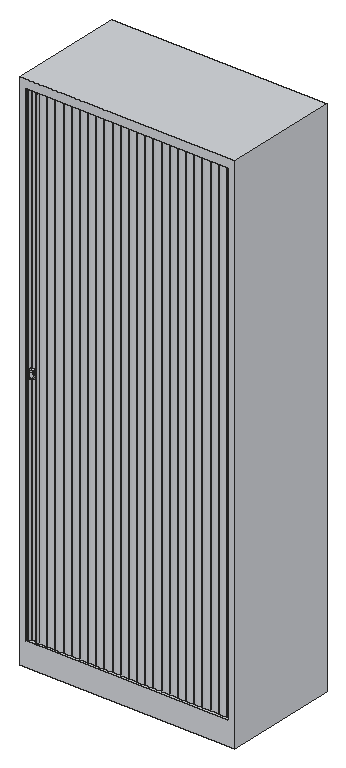
Revit family "EuroTambours_Single", category Furniture, Revit 2016
Family settings
  OmniClass Number = 23.40.20.00
  OmniClass Title = General Furniture and Specialties
  Work Plane-Based = No
  Always vertical = Yes
  Cut with Voids When Loaded = No
  Shared = No
  Room Calculation Point = No
Parameters (values of type "ET408/19")
  plinth start height = -5 mm
  Width = 800 mm
  Tambour array = 24
  Plinth height = 85 mm
  Lock bar height = Doors height - 5 mm  # 1841 mm
  Height = 1980 mm
  Doors height = Height - Plinth height - 13 mm - 30 mm - 3 mm - 3 mm  # 1846 mm
  Depth = 430 mm
Types (8, lengths in mm): name | plinth start height | Plinth height | Lock bar height | Height | Doors height
  (no name) | -5 | 85 | 1841 | 1980 | 1846
  ET408/TB | 386 | 55 | 386 | 495 | 391
  ET408/06 | -5 | 85 | 556 | 695 | 561
  ET408/10 | -5 | 85 | 891 | 1030 | 896
  ET408/11 | -5 | 85 | 1042 | 1181 | 1047
  ET408/13 | -5 | 85 | 1191 | 1330 | 1196
  ET408/17 | -5 | 85 | 1498 | 1637 | 1503
  ET408/19 | -5 | 85 | 1841 | 1980 | 1846
Reference planes
  plane 1 "Center (Front/Back)": y = 0
  plane 2: z = 7
  plane 3 "Center (Left/Right)": x = 0
  plane 4: x = -400
  plane 5: x = 400
  plane 6: y = 195
  plane 7: y = -235
  plane 8: z = 1987
  plane 9: z = 20
  plane 10: z = 105
  plane 11: x = -380
  plane 12: x = 380
  plane 13: y = 190
  plane 14: x = 477
  plane 15: y = -215
  plane 16: z = 53
  plane 17: x = -477
  plane 18: x = 315
  plane 19: x = -315
  plane 20: y = -190
  plane 21: y = 150
  plane 22: z = 974
  plane 23: z = 1003.5
  plane 24: z = 1003.5
Forms (mm)
  Extrusion 1, solid
    sketch origin (0, 0, 7) x (1, 0, 0) y (0, 1, 0)
      loop
        line (-400, 195) -> (-400, -235) -> (400, -235) -> (400, 195) -> (-400, 195)
    from 13 to 1980
  Extrusion 2, void
    sketch origin (0, 0, 0) x (1, 0, 0) y (0, 0, 1)
      loop
        line (-380, 1957) -> (-380, 105) -> (380, 105) -> (380, 1957) -> (-380, 1957)
    from -190 to 235
  Extrusion 3, solid, not visible
    sketch origin (-14, 0, -11.486) x (0, 0, -1) y (0, -1, 0)
      loop
        line (-375, 215) -> (-73.486, 215) -> (-73.486, 235) -> (-323.022, 235) -> (-358, 216.402) -> (-373.358, 216.402) -> (-373.358, 233.251) -> (-358, 233.251) -> (-358, 235) -> (-375, 235) -> (-375, 215)
    from -391 to 363
  Extrusion 4, solid
    sketch origin (0, 0, 7) x (1, 0, 0) y (0, 1, 0)
      loop
        circle (315, 150) r 25
      loop
        circle (315, -190) r 25
      loop
        circle (-315, -190) r 25
      loop
        circle (-315, 150) r 25
    from 0 to 9
  Extrusion 5, solid
    sketch origin (0, 0, 7) x (1, 0, 0) y (0, 1, 0)
      loop
        circle (-315, 150) r 10
      loop
        circle (315, 150) r 10
      loop
        circle (315, -190) r 10
      loop
        circle (-315, -190) r 10
    from 9 to 13
  Extrusion 6, solid
    sketch origin (-112.678, -136.508, 113) x (1, 0, 0) y (0, 1, 0)
      loop
        line (-264.322, -77.42) -> (-264.322, -96.46)
        arc (-264.322, -96.46) -> (-264.041, -97.139) -> (-263.362, -97.42) r 0.96
        line (-263.362, -97.42) -> (-258.275, -97.42)
        arc (-258.275, -97.42) -> (-257.601, -97.141) -> (-257.322, -96.468) r 0.953
        line (-257.322, -96.468) -> (-257.322, -88.389)
        arc (-257.322, -88.389) -> (-256.452, -86.29) -> (-254.353, -85.42) r 2.969
        line (-254.353, -85.42) -> (-235.314, -85.42)
        arc (-235.314, -85.42) -> (-233.199, -86.297) -> (-232.322, -88.413) r 2.992
        line (-232.322, -88.413) -> (-232.322, -96.414)
        arc (-232.322, -96.414) -> (-232.027, -97.126) -> (-231.315, -97.42) r 1.007
        line (-231.315, -97.42) -> (-226.368, -97.42)
        arc (-226.368, -97.42) -> (-225.628, -97.114) -> (-225.322, -96.374) r 1.046
        line (-225.322, -96.374) -> (-225.322, -77.42) -> (-264.322, -77.42)
    from -5 <- "plinth start height" to 1841 <- "Lock bar height"
  Extrusion 7, solid
    sketch origin (-0.17, -4.837, 108) x (1, 0, 0) y (0, 1, 0)
      loop
        line (-307.442, -220.343) -> (-306.502, -218.714) -> (-313.555, -214.133) -> (-334.916, -214.133) -> (-335.853, -217.63) -> (-337.087, -219.737)
        arc (-337.087, -219.737) -> (-337.103, -220.129) -> (-336.786, -220.36) r 0.417
        arc (-336.786, -220.36) -> (-322.113, -221.403) -> (-307.442, -220.343) r 102.932
    from 0 to 1846 <- "Doors height"
  Extrusion 8, solid
    sketch origin (30.331, -4.837, 108) x (1, 0, 0) y (0, 1, 0)
      loop
        line (-307.442, -220.343) -> (-306.502, -218.714) -> (-313.555, -214.133) -> (-334.916, -214.133) -> (-335.853, -217.63) -> (-337.087, -219.737)
        arc (-337.087, -219.737) -> (-337.103, -220.129) -> (-336.786, -220.36) r 0.417
        arc (-336.786, -220.36) -> (-322.113, -221.403) -> (-307.442, -220.343) r 102.932
    from 0 to 1846 <- "Doors height"
  Extrusion 9, solid
    sketch origin (60.833, -4.837, 108) x (1, 0, 0) y (0, 1, 0)
      loop
        line (-307.442, -220.343) -> (-306.502, -218.714) -> (-313.555, -214.133) -> (-334.916, -214.133) -> (-335.853, -217.63) -> (-337.087, -219.737)
        arc (-337.087, -219.737) -> (-337.103, -220.129) -> (-336.786, -220.36) r 0.417
        arc (-336.786, -220.36) -> (-322.113, -221.403) -> (-307.442, -220.343) r 102.932
    from 0 to 1846 <- "Doors height"
  Extrusion 10, solid
    sketch origin (91.335, -4.837, 108) x (1, 0, 0) y (0, 1, 0)
      loop
        line (-307.442, -220.343) -> (-306.502, -218.714) -> (-313.555, -214.133) -> (-334.916, -214.133) -> (-335.853, -217.63) -> (-337.087, -219.737)
        arc (-337.087, -219.737) -> (-337.103, -220.129) -> (-336.786, -220.36) r 0.417
        arc (-336.786, -220.36) -> (-322.113, -221.403) -> (-307.442, -220.343) r 102.932
    from 0 to 1846 <- "Doors height"
  Extrusion 11, solid
    sketch origin (121.836, -4.837, 108) x (1, 0, 0) y (0, 1, 0)
      loop
        line (-307.442, -220.343) -> (-306.502, -218.714) -> (-313.555, -214.133) -> (-334.916, -214.133) -> (-335.853, -217.63) -> (-337.087, -219.737)
        arc (-337.087, -219.737) -> (-337.103, -220.129) -> (-336.786, -220.36) r 0.417
        arc (-336.786, -220.36) -> (-322.113, -221.403) -> (-307.442, -220.343) r 102.932
    from 0 to 1846 <- "Doors height"
  Extrusion 12, solid
    sketch origin (152.338, -4.837, 108) x (1, 0, 0) y (0, 1, 0)
      loop
        line (-307.442, -220.343) -> (-306.502, -218.714) -> (-313.555, -214.133) -> (-334.916, -214.133) -> (-335.853, -217.63) -> (-337.087, -219.737)
        arc (-337.087, -219.737) -> (-337.103, -220.129) -> (-336.786, -220.36) r 0.417
        arc (-336.786, -220.36) -> (-322.113, -221.403) -> (-307.442, -220.343) r 102.932
    from 0 to 1846 <- "Doors height"
  Extrusion 13, solid
    sketch origin (182.84, -4.837, 108) x (1, 0, 0) y (0, 1, 0)
      loop
        line (-307.442, -220.343) -> (-306.502, -218.714) -> (-313.555, -214.133) -> (-334.916, -214.133) -> (-335.853, -217.63) -> (-337.087, -219.737)
        arc (-337.087, -219.737) -> (-337.103, -220.129) -> (-336.786, -220.36) r 0.417
        arc (-336.786, -220.36) -> (-322.113, -221.403) -> (-307.442, -220.343) r 102.932
    from 0 to 1846 <- "Doors height"
  Extrusion 14, solid
    sketch origin (213.342, -4.837, 108) x (1, 0, 0) y (0, 1, 0)
      loop
        line (-307.442, -220.343) -> (-306.502, -218.714) -> (-313.555, -214.133) -> (-334.916, -214.133) -> (-335.853, -217.63) -> (-337.087, -219.737)
        arc (-337.087, -219.737) -> (-337.103, -220.129) -> (-336.786, -220.36) r 0.417
        arc (-336.786, -220.36) -> (-322.113, -221.403) -> (-307.442, -220.343) r 102.932
    from 0 to 1846 <- "Doors height"
  Extrusion 15, solid
    sketch origin (243.843, -4.837, 108) x (1, 0, 0) y (0, 1, 0)
      loop
        line (-307.442, -220.343) -> (-306.502, -218.714) -> (-313.555, -214.133) -> (-334.916, -214.133) -> (-335.853, -217.63) -> (-337.087, -219.737)
        arc (-337.087, -219.737) -> (-337.103, -220.129) -> (-336.786, -220.36) r 0.417
        arc (-336.786, -220.36) -> (-322.113, -221.403) -> (-307.442, -220.343) r 102.932
    from 0 to 1846 <- "Doors height"
  Extrusion 16, solid
    sketch origin (274.345, -4.837, 108) x (1, 0, 0) y (0, 1, 0)
      loop
        line (-307.442, -220.343) -> (-306.502, -218.714) -> (-313.555, -214.133) -> (-334.916, -214.133) -> (-335.853, -217.63) -> (-337.087, -219.737)
        arc (-337.087, -219.737) -> (-337.103, -220.129) -> (-336.786, -220.36) r 0.417
        arc (-336.786, -220.36) -> (-322.113, -221.403) -> (-307.442, -220.343) r 102.932
    from 0 to 1846 <- "Doors height"
  Extrusion 17, solid
    sketch origin (304.847, -4.837, 108) x (1, 0, 0) y (0, 1, 0)
      loop
        line (-307.442, -220.343) -> (-306.502, -218.714) -> (-313.555, -214.133) -> (-334.916, -214.133) -> (-335.853, -217.63) -> (-337.087, -219.737)
        arc (-337.087, -219.737) -> (-337.103, -220.129) -> (-336.786, -220.36) r 0.417
        arc (-336.786, -220.36) -> (-322.113, -221.403) -> (-307.442, -220.343) r 102.932
    from 0 to 1846 <- "Doors height"
  Extrusion 18, solid
    sketch origin (335.348, -4.837, 108) x (1, 0, 0) y (0, 1, 0)
      loop
        line (-307.442, -220.343) -> (-306.502, -218.714) -> (-313.555, -214.133) -> (-334.916, -214.133) -> (-335.853, -217.63) -> (-337.087, -219.737)
        arc (-337.087, -219.737) -> (-337.103, -220.129) -> (-336.786, -220.36) r 0.417
        arc (-336.786, -220.36) -> (-322.113, -221.403) -> (-307.442, -220.343) r 102.932
    from 0 to 1846 <- "Doors height"
  Extrusion 19, solid
    sketch origin (365.85, -4.837, 108) x (1, 0, 0) y (0, 1, 0)
      loop
        line (-307.442, -220.343) -> (-306.502, -218.714) -> (-313.555, -214.133) -> (-334.916, -214.133) -> (-335.853, -217.63) -> (-337.087, -219.737)
        arc (-337.087, -219.737) -> (-337.103, -220.129) -> (-336.786, -220.36) r 0.417
        arc (-336.786, -220.36) -> (-322.113, -221.403) -> (-307.442, -220.343) r 102.932
    from 0 to 1846 <- "Doors height"
  Extrusion 20, solid
    sketch origin (396.352, -4.837, 108) x (1, 0, 0) y (0, 1, 0)
      loop
        line (-307.442, -220.343) -> (-306.502, -218.714) -> (-313.555, -214.133) -> (-334.916, -214.133) -> (-335.853, -217.63) -> (-337.087, -219.737)
        arc (-337.087, -219.737) -> (-337.103, -220.129) -> (-336.786, -220.36) r 0.417
        arc (-336.786, -220.36) -> (-322.113, -221.403) -> (-307.442, -220.343) r 102.932
    from 0 to 1846 <- "Doors height"
  Extrusion 21, solid
    sketch origin (426.854, -4.837, 108) x (1, 0, 0) y (0, 1, 0)
      loop
        line (-307.442, -220.343) -> (-306.502, -218.714) -> (-313.555, -214.133) -> (-334.916, -214.133) -> (-335.853, -217.63) -> (-337.087, -219.737)
        arc (-337.087, -219.737) -> (-337.103, -220.129) -> (-336.786, -220.36) r 0.417
        arc (-336.786, -220.36) -> (-322.113, -221.403) -> (-307.442, -220.343) r 102.932
    from 0 to 1846 <- "Doors height"
  Extrusion 22, solid
    sketch origin (457.355, -4.837, 108) x (1, 0, 0) y (0, 1, 0)
      loop
        line (-307.442, -220.343) -> (-306.502, -218.714) -> (-313.555, -214.133) -> (-334.916, -214.133) -> (-335.853, -217.63) -> (-337.087, -219.737)
        arc (-337.087, -219.737) -> (-337.103, -220.129) -> (-336.786, -220.36) r 0.417
        arc (-336.786, -220.36) -> (-322.113, -221.403) -> (-307.442, -220.343) r 102.932
    from 0 to 1846 <- "Doors height"
  Extrusion 23, solid
    sketch origin (487.857, -4.837, 108) x (1, 0, 0) y (0, 1, 0)
      loop
        line (-307.442, -220.343) -> (-306.502, -218.714) -> (-313.555, -214.133) -> (-334.916, -214.133) -> (-335.853, -217.63) -> (-337.087, -219.737)
        arc (-337.087, -219.737) -> (-337.103, -220.129) -> (-336.786, -220.36) r 0.417
        arc (-336.786, -220.36) -> (-322.113, -221.403) -> (-307.442, -220.343) r 102.932
    from 0 to 1846 <- "Doors height"
  Extrusion 24, solid
    sketch origin (518.359, -4.837, 108) x (1, 0, 0) y (0, 1, 0)
      loop
        line (-307.442, -220.343) -> (-306.502, -218.714) -> (-313.555, -214.133) -> (-334.916, -214.133) -> (-335.853, -217.63) -> (-337.087, -219.737)
        arc (-337.087, -219.737) -> (-337.103, -220.129) -> (-336.786, -220.36) r 0.417
        arc (-336.786, -220.36) -> (-322.113, -221.403) -> (-307.442, -220.343) r 102.932
    from 0 to 1846 <- "Doors height"
  Extrusion 25, solid
    sketch origin (548.86, -4.837, 108) x (1, 0, 0) y (0, 1, 0)
      loop
        line (-307.442, -220.343) -> (-306.502, -218.714) -> (-313.555, -214.133) -> (-334.916, -214.133) -> (-335.853, -217.63) -> (-337.087, -219.737)
        arc (-337.087, -219.737) -> (-337.103, -220.129) -> (-336.786, -220.36) r 0.417
        arc (-336.786, -220.36) -> (-322.113, -221.403) -> (-307.442, -220.343) r 102.932
    from 0 to 1846 <- "Doors height"
  Extrusion 26, solid
    sketch origin (579.362, -4.837, 108) x (1, 0, 0) y (0, 1, 0)
      loop
        line (-307.442, -220.343) -> (-306.502, -218.714) -> (-313.555, -214.133) -> (-334.916, -214.133) -> (-335.853, -217.63) -> (-337.087, -219.737)
        arc (-337.087, -219.737) -> (-337.103, -220.129) -> (-336.786, -220.36) r 0.417
        arc (-336.786, -220.36) -> (-322.113, -221.403) -> (-307.442, -220.343) r 102.932
    from 0 to 1846 <- "Doors height"
  Extrusion 27, solid
    sketch origin (609.864, -4.837, 108) x (1, 0, 0) y (0, 1, 0)
      loop
        line (-307.442, -220.343) -> (-306.502, -218.714) -> (-313.555, -214.133) -> (-334.916, -214.133) -> (-335.853, -217.63) -> (-337.087, -219.737)
        arc (-337.087, -219.737) -> (-337.103, -220.129) -> (-336.786, -220.36) r 0.417
        arc (-336.786, -220.36) -> (-322.113, -221.403) -> (-307.442, -220.343) r 102.932
    from 0 to 1846 <- "Doors height"
  Extrusion 28, solid
    sketch origin (640.366, -4.837, 108) x (1, 0, 0) y (0, 1, 0)
      loop
        line (-307.442, -220.343) -> (-306.502, -218.714) -> (-313.555, -214.133) -> (-334.916, -214.133) -> (-335.853, -217.63) -> (-337.087, -219.737)
        arc (-337.087, -219.737) -> (-337.103, -220.129) -> (-336.786, -220.36) r 0.417
        arc (-336.786, -220.36) -> (-322.113, -221.403) -> (-307.442, -220.343) r 102.932
    from 0 to 1846 <- "Doors height"
  Extrusion 29, solid
    sketch origin (670.867, -4.837, 108) x (1, 0, 0) y (0, 1, 0)
      loop
        line (-307.442, -220.343) -> (-306.502, -218.714) -> (-313.555, -214.133) -> (-334.916, -214.133) -> (-335.853, -217.63) -> (-337.087, -219.737)
        arc (-337.087, -219.737) -> (-337.103, -220.129) -> (-336.786, -220.36) r 0.417
        arc (-336.786, -220.36) -> (-322.113, -221.403) -> (-307.442, -220.343) r 102.932
    from 0 to 1846 <- "Doors height"
  Extrusion 30, solid
    sketch origin (701.369, -4.837, 108) x (1, 0, 0) y (0, 1, 0)
      loop
        line (-307.442, -220.343) -> (-306.502, -218.714) -> (-313.555, -214.133) -> (-334.916, -214.133) -> (-335.853, -217.63) -> (-337.087, -219.737)
        arc (-337.087, -219.737) -> (-337.103, -220.129) -> (-336.786, -220.36) r 0.417
        arc (-336.786, -220.36) -> (-322.113, -221.403) -> (-307.442, -220.343) r 102.932
    from 0 to 1846 <- "Doors height"
  Extrusion 31, solid
    sketch origin (1.189, -221.929, 0) x (1, 0, 0) y (0, 0, 1)
      loop
        circle (-357.536, 1003.5) r 12.707
    from 0 to 12.484
  Extrusion 32, solid
    sketch origin (1.713, -221.929, -0.001) x (1, 0, 0) y (0, 0, 1)
      loop
        circle (-357.889, 1003.5) r 8.648
    from 0 to 14.49
  Extrusion 33, solid
    sketch origin (1.189, -221.929, 0) x (1, 0, 0) y (0, 0, 1)
      loop
        line (-372.081, 1021.827) -> (-372.081, 985.173)
        spline (-372.081, 985.173) -> (-366.297, 985.987) -> (-361.407, 987.068) -> (-357.326, 988.355) -> (-353.969, 989.782) -> (-351.252, 991.286) -> (-349.09, 992.802) -> (-347.398, 994.267) -> (-346.099, 995.652) -> (-345.149, 997.09) -> (-344.513, 998.759) -> (-344.156, 1000.837) -> (-344.045, 1003.5)
        spline (-344.045, 1003.5) -> (-344.156, 1006.163) -> (-344.513, 1008.241) -> (-345.149, 1009.91) -> (-346.099, 1011.348) -> (-347.398, 1012.733) -> (-349.09, 1014.198) -> (-351.252, 1015.714) -> (-353.969, 1017.218) -> (-357.326, 1018.645) -> (-361.407, 1019.932) -> (-366.297, 1021.013) -> (-372.081, 1021.827)
    from 0 to 10
Cuts and joins
  Extrusion 2 cuts Extrusion 1
Dimensions and locks
  equal spacing: plane 4, plane 3 "Center (Left/Right)", plane 5
  "Width": plane 4 to plane 5
  "Depth": plane 6 to plane 7
  plane 9 to level = 13 mm
  "Plinth height": plane 10 to plane 9
  locked: plane 11 to plane 4 at 20
  locked: plane 5 to plane 12 at 20
  "Height": plane 8 to level
  locked: plane 13 to plane 6 at 5
  plane 3 "Center (Left/Right)" to plane 14 = 477 mm
  locked: plane 15 to cut or joined group of Extrusion 1, Extrusion 2 at 20
  cut or joined group of Extrusion 1, Extrusion 2 to plane 19 = 85 mm
  plane 18 to cut or joined group of Extrusion 1, Extrusion 2 = 85 mm
  plane 20 to plane 7 = 45 mm
  plane 6 to plane 21 = 45 mm
  equal spacing: plane 14, plane 3 "Center (Left/Right)", plane 17
  plane 17 to cut or joined group of Extrusion 1, Extrusion 2 = 97 mm
  level to cut or joined group of Extrusion 1, Extrusion 2 = 13 mm
  locked: cut or joined group of Extrusion 1, Extrusion 2 to cut or joined group of Extrusion 1, Extrusion 2 at 30
  equal spacing: plane 8, plane 23, plane 9
  equal spacing: group 2, group 3, group 4, group 5, group 6, group 7, group 8, group 9, group 10, group 11, group 12, group 13, group 14, group 15, group 16, group 17, group 18, group 19, group 20, group 21, group 22, group 23, group 24, group 25  (x2)
  equal spacing: group 25, group 24, group 23, group 22, group 21, group 20, group 19, group 18, group 17, group 16, group 15, group 14, group 13, group 12, group 11, group 10, group 9, group 8, group 7, group 6, group 5, group 4, group 3, group 2
  equal spacing: plane 8, plane 24, plane 9
  locked: Extrusion 7 to cut or joined group of Extrusion 1, Extrusion 2 at 3
  locked: Extrusion 9 to cut or joined group of Extrusion 1, Extrusion 2 at 3
  locked: plane 7 to plane 1 "Center (Front/Back)" at 235
  aligned and locked: level to plane 2
  aligned and locked: Extrusion 1 sketch curve to plane 6
  aligned and locked: plane 4 to Extrusion 1 sketch curve
  aligned and locked: plane 7 to Extrusion 1 sketch curve
  aligned and locked: Extrusion 1 sketch curve to plane 5
  aligned and locked: Extrusion 1 to plane 9
  aligned and locked: plane 8 to Extrusion 1
  aligned and locked: plane 11 to Extrusion 2 sketch curve
  aligned and locked: Extrusion 2 sketch curve to plane 10
  aligned and locked: Extrusion 2 sketch curve to plane 12
  aligned and locked: Extrusion 2 to plane 7
  aligned and locked: Extrusion 2 to plane 13
Automatic sketch dimensions
  Extrusion 3 sketch curve to Extrusion 3 sketch curve = 1.642 mm
  Extrusion 3 sketch curve to Extrusion 3 sketch curve = 15.358 mm  (x2)
  Extrusion 3 sketch curve to Extrusion 3 sketch curve = 34.978 mm
  Extrusion 3 sketch curve to Extrusion 3 sketch curve = 249.536 mm
  Extrusion 3 sketch curve to Extrusion 3 sketch curve = 1.402 mm
  Extrusion 3 sketch curve to Extrusion 3 sketch curve = 16.849 mm
  Extrusion 3 sketch curve to Extrusion 3 sketch curve = 1.749 mm
  Extrusion 3 sketch curve to Extrusion 3 sketch curve = 0 mm
  Extrusion 4 sketch curve to plane 19 = 0 mm  (x2)
  Extrusion 4 sketch curve to plane 18 = 0 mm  (x2)
  Extrusion 4 sketch curve to plane 20 = 0 mm  (x2)
  Extrusion 4 sketch curve to plane 21 = 0 mm  (x2)
  Extrusion 5 sketch curve to plane 19 = 0 mm  (x2)
  Extrusion 5 sketch curve to plane 18 = 0 mm  (x2)
  Extrusion 5 sketch curve to plane 20 = 0 mm  (x2)
  Extrusion 5 sketch curve to plane 21 = 0 mm  (x2)
  Extrusion 2 sketch curve to plane 8 = 30 mm
  Extrusion 6 sketch curve to plane 19 = 62 mm
  Extrusion 6 sketch curve to Extrusion 6 sketch curve = 0.96 mm
  Extrusion 6 sketch curve to Extrusion 6 sketch curve = 5.087 mm
  Extrusion 6 sketch curve to Extrusion 6 sketch curve = 0.953 mm  (x2)
  Extrusion 6 sketch curve to Extrusion 6 sketch curve = 2.969 mm
  Extrusion 6 sketch curve to Extrusion 6 sketch curve = 19.039 mm
  Extrusion 6 sketch curve to Extrusion 6 sketch curve = 2.992 mm
  Extrusion 6 sketch curve to Extrusion 6 sketch curve = 1.007 mm
  Extrusion 6 sketch curve to Extrusion 6 sketch curve = 4.947 mm
  Extrusion 6 sketch curve to Extrusion 6 sketch curve = 9.992 mm
  Extrusion 6 sketch curve to plane 20 = 43.929 mm
  Extrusion 6 sketch curve to Extrusion 6 sketch curve = 8.001 mm
  Extrusion 6 sketch curve to Extrusion 6 sketch curve = 8 mm
  Extrusion 7 sketch curve to Extrusion 7 sketch curve = 0.36 mm
  Extrusion 7 sketch curve to Extrusion 7 sketch curve = 1.234 mm
  Extrusion 7 sketch curve to Extrusion 7 sketch curve = 0.937 mm
  Extrusion 7 sketch curve to Extrusion 7 sketch curve = 0.94 mm
  Extrusion 7 sketch curve to Extrusion 7 sketch curve = 0.211 mm
  Extrusion 7 sketch curve to Extrusion 7 sketch curve = 6.209 mm
  Extrusion 7 sketch curve to Extrusion 7 sketch curve = 1.629 mm
  Extrusion 7 sketch curve to Extrusion 7 sketch curve = 12.741 mm
  Extrusion 7 sketch curve to Extrusion 7 sketch curve = 21.361 mm
  Extrusion 7 sketch curve to Extrusion 7 sketch curve = 6.113 mm
  Extrusion 7 sketch curve to Extrusion 7 sketch curve = 5.814 mm
  Extrusion 7 sketch curve to Extrusion 7 sketch curve = 2.107 mm
  Extrusion 7 sketch curve to Extrusion 7 sketch curve = 95.662 mm
  Extrusion 8 sketch curve to Extrusion 8 sketch curve = 0.36 mm
  Extrusion 8 sketch curve to Extrusion 8 sketch curve = 1.234 mm
  Extrusion 8 sketch curve to Extrusion 8 sketch curve = 0.937 mm
  Extrusion 8 sketch curve to Extrusion 8 sketch curve = 0.94 mm
  Extrusion 8 sketch curve to Extrusion 8 sketch curve = 0.211 mm
  Extrusion 8 sketch curve to Extrusion 8 sketch curve = 6.209 mm
  Extrusion 8 sketch curve to Extrusion 8 sketch curve = 1.629 mm
  Extrusion 8 sketch curve to Extrusion 8 sketch curve = 12.741 mm
  Extrusion 8 sketch curve to Extrusion 8 sketch curve = 21.361 mm
  Extrusion 8 sketch curve to Extrusion 8 sketch curve = 6.113 mm
  Extrusion 8 sketch curve to Extrusion 8 sketch curve = 5.814 mm
  Extrusion 8 sketch curve to Extrusion 8 sketch curve = 2.107 mm
  Extrusion 8 sketch curve to Extrusion 8 sketch curve = 95.662 mm
  Extrusion 9 sketch curve to Extrusion 9 sketch curve = 0.36 mm
  Extrusion 9 sketch curve to Extrusion 9 sketch curve = 1.234 mm
  Extrusion 9 sketch curve to Extrusion 9 sketch curve = 0.937 mm
  Extrusion 9 sketch curve to Extrusion 9 sketch curve = 0.94 mm
  Extrusion 9 sketch curve to Extrusion 9 sketch curve = 0.211 mm
  Extrusion 9 sketch curve to Extrusion 9 sketch curve = 6.209 mm
  Extrusion 9 sketch curve to Extrusion 9 sketch curve = 1.629 mm
  Extrusion 9 sketch curve to Extrusion 9 sketch curve = 12.741 mm
  Extrusion 9 sketch curve to Extrusion 9 sketch curve = 21.361 mm
  Extrusion 9 sketch curve to Extrusion 9 sketch curve = 6.113 mm
  Extrusion 9 sketch curve to Extrusion 9 sketch curve = 5.814 mm
  Extrusion 9 sketch curve to Extrusion 9 sketch curve = 2.107 mm
  Extrusion 9 sketch curve to Extrusion 9 sketch curve = 95.662 mm
  Extrusion 10 sketch curve to Extrusion 10 sketch curve = 0.36 mm
  Extrusion 10 sketch curve to Extrusion 10 sketch curve = 1.234 mm
  Extrusion 10 sketch curve to Extrusion 10 sketch curve = 0.937 mm
  Extrusion 10 sketch curve to Extrusion 10 sketch curve = 0.94 mm
  Extrusion 10 sketch curve to Extrusion 10 sketch curve = 0.211 mm
  Extrusion 10 sketch curve to Extrusion 10 sketch curve = 6.209 mm
  Extrusion 10 sketch curve to Extrusion 10 sketch curve = 1.629 mm
  Extrusion 10 sketch curve to Extrusion 10 sketch curve = 12.741 mm
  Extrusion 10 sketch curve to Extrusion 10 sketch curve = 21.361 mm
  Extrusion 10 sketch curve to Extrusion 10 sketch curve = 6.113 mm
  Extrusion 10 sketch curve to Extrusion 10 sketch curve = 5.814 mm
  Extrusion 10 sketch curve to Extrusion 10 sketch curve = 2.107 mm
  Extrusion 10 sketch curve to Extrusion 10 sketch curve = 95.662 mm
  Extrusion 11 sketch curve to Extrusion 11 sketch curve = 0.36 mm
  Extrusion 11 sketch curve to Extrusion 11 sketch curve = 1.234 mm
  Extrusion 11 sketch curve to Extrusion 11 sketch curve = 0.937 mm
  Extrusion 11 sketch curve to Extrusion 11 sketch curve = 0.94 mm
  Extrusion 11 sketch curve to Extrusion 11 sketch curve = 0.211 mm
  Extrusion 11 sketch curve to Extrusion 11 sketch curve = 6.209 mm
  Extrusion 11 sketch curve to Extrusion 11 sketch curve = 1.629 mm
  Extrusion 11 sketch curve to Extrusion 11 sketch curve = 12.741 mm
  Extrusion 11 sketch curve to Extrusion 11 sketch curve = 21.361 mm
  Extrusion 11 sketch curve to Extrusion 11 sketch curve = 6.113 mm
  Extrusion 11 sketch curve to Extrusion 11 sketch curve = 5.814 mm
  Extrusion 11 sketch curve to Extrusion 11 sketch curve = 2.107 mm
  Extrusion 11 sketch curve to Extrusion 11 sketch curve = 95.662 mm
  Extrusion 12 sketch curve to Extrusion 12 sketch curve = 0.36 mm
  Extrusion 12 sketch curve to Extrusion 12 sketch curve = 1.234 mm
  Extrusion 12 sketch curve to Extrusion 12 sketch curve = 0.937 mm
  Extrusion 12 sketch curve to Extrusion 12 sketch curve = 0.94 mm
  Extrusion 12 sketch curve to Extrusion 12 sketch curve = 0.211 mm
  Extrusion 12 sketch curve to Extrusion 12 sketch curve = 6.209 mm
  Extrusion 12 sketch curve to Extrusion 12 sketch curve = 1.629 mm
  Extrusion 12 sketch curve to Extrusion 12 sketch curve = 12.741 mm
  Extrusion 12 sketch curve to Extrusion 12 sketch curve = 21.361 mm
  Extrusion 12 sketch curve to Extrusion 12 sketch curve = 6.113 mm
  Extrusion 12 sketch curve to Extrusion 12 sketch curve = 5.814 mm
  Extrusion 12 sketch curve to Extrusion 12 sketch curve = 2.107 mm
  Extrusion 12 sketch curve to Extrusion 12 sketch curve = 95.662 mm
  Extrusion 13 sketch curve to Extrusion 13 sketch curve = 0.36 mm
  Extrusion 13 sketch curve to Extrusion 13 sketch curve = 1.234 mm
  Extrusion 13 sketch curve to Extrusion 13 sketch curve = 0.937 mm
  Extrusion 13 sketch curve to Extrusion 13 sketch curve = 0.94 mm
  Extrusion 13 sketch curve to Extrusion 13 sketch curve = 0.211 mm
  Extrusion 13 sketch curve to Extrusion 13 sketch curve = 6.209 mm
  Extrusion 13 sketch curve to Extrusion 13 sketch curve = 1.629 mm
  Extrusion 13 sketch curve to Extrusion 13 sketch curve = 12.741 mm
  Extrusion 13 sketch curve to Extrusion 13 sketch curve = 21.361 mm
  Extrusion 13 sketch curve to Extrusion 13 sketch curve = 6.113 mm
  Extrusion 13 sketch curve to Extrusion 13 sketch curve = 5.814 mm
  Extrusion 13 sketch curve to Extrusion 13 sketch curve = 2.107 mm
  Extrusion 13 sketch curve to Extrusion 13 sketch curve = 95.662 mm
  Extrusion 14 sketch curve to Extrusion 14 sketch curve = 0.36 mm
  Extrusion 14 sketch curve to Extrusion 14 sketch curve = 1.234 mm
  Extrusion 14 sketch curve to Extrusion 14 sketch curve = 0.937 mm
  Extrusion 14 sketch curve to Extrusion 14 sketch curve = 0.94 mm
  Extrusion 14 sketch curve to Extrusion 14 sketch curve = 0.211 mm
  Extrusion 14 sketch curve to Extrusion 14 sketch curve = 6.209 mm
  Extrusion 14 sketch curve to Extrusion 14 sketch curve = 1.629 mm
  Extrusion 14 sketch curve to Extrusion 14 sketch curve = 12.741 mm
  Extrusion 14 sketch curve to Extrusion 14 sketch curve = 21.361 mm
  Extrusion 14 sketch curve to Extrusion 14 sketch curve = 6.113 mm
  Extrusion 14 sketch curve to Extrusion 14 sketch curve = 5.814 mm
  Extrusion 14 sketch curve to Extrusion 14 sketch curve = 2.107 mm
  Extrusion 14 sketch curve to Extrusion 14 sketch curve = 95.662 mm
  Extrusion 15 sketch curve to Extrusion 15 sketch curve = 0.36 mm
  Extrusion 15 sketch curve to Extrusion 15 sketch curve = 1.234 mm
  Extrusion 15 sketch curve to Extrusion 15 sketch curve = 0.937 mm
  Extrusion 15 sketch curve to Extrusion 15 sketch curve = 0.94 mm
  Extrusion 15 sketch curve to Extrusion 15 sketch curve = 0.211 mm
  Extrusion 15 sketch curve to Extrusion 15 sketch curve = 6.209 mm
  Extrusion 15 sketch curve to Extrusion 15 sketch curve = 1.629 mm
  Extrusion 15 sketch curve to Extrusion 15 sketch curve = 12.741 mm
  Extrusion 15 sketch curve to Extrusion 15 sketch curve = 21.361 mm
  Extrusion 15 sketch curve to Extrusion 15 sketch curve = 6.113 mm
  Extrusion 15 sketch curve to Extrusion 15 sketch curve = 5.814 mm
  Extrusion 15 sketch curve to Extrusion 15 sketch curve = 2.107 mm
  Extrusion 15 sketch curve to Extrusion 15 sketch curve = 95.662 mm
  Extrusion 16 sketch curve to Extrusion 16 sketch curve = 0.36 mm
  Extrusion 16 sketch curve to Extrusion 16 sketch curve = 1.234 mm
  Extrusion 16 sketch curve to Extrusion 16 sketch curve = 0.937 mm
  Extrusion 16 sketch curve to Extrusion 16 sketch curve = 0.94 mm
  Extrusion 16 sketch curve to Extrusion 16 sketch curve = 0.211 mm
  Extrusion 16 sketch curve to Extrusion 16 sketch curve = 6.209 mm
  Extrusion 16 sketch curve to Extrusion 16 sketch curve = 1.629 mm
  Extrusion 16 sketch curve to Extrusion 16 sketch curve = 12.741 mm
  Extrusion 16 sketch curve to Extrusion 16 sketch curve = 21.361 mm
  Extrusion 16 sketch curve to Extrusion 16 sketch curve = 6.113 mm
  Extrusion 16 sketch curve to Extrusion 16 sketch curve = 5.814 mm
  Extrusion 16 sketch curve to Extrusion 16 sketch curve = 2.107 mm
  Extrusion 16 sketch curve to Extrusion 16 sketch curve = 95.662 mm
  Extrusion 17 sketch curve to Extrusion 17 sketch curve = 0.36 mm
  Extrusion 17 sketch curve to Extrusion 17 sketch curve = 1.234 mm
  Extrusion 17 sketch curve to Extrusion 17 sketch curve = 0.937 mm
  Extrusion 17 sketch curve to Extrusion 17 sketch curve = 0.94 mm
  Extrusion 17 sketch curve to Extrusion 17 sketch curve = 0.211 mm
  Extrusion 17 sketch curve to Extrusion 17 sketch curve = 6.209 mm
  Extrusion 17 sketch curve to Extrusion 17 sketch curve = 1.629 mm
  Extrusion 17 sketch curve to Extrusion 17 sketch curve = 12.741 mm
  Extrusion 17 sketch curve to Extrusion 17 sketch curve = 21.361 mm
  Extrusion 17 sketch curve to Extrusion 17 sketch curve = 6.113 mm
  Extrusion 17 sketch curve to Extrusion 17 sketch curve = 5.814 mm
  Extrusion 17 sketch curve to Extrusion 17 sketch curve = 2.107 mm
  Extrusion 17 sketch curve to Extrusion 17 sketch curve = 95.662 mm
  Extrusion 18 sketch curve to Extrusion 18 sketch curve = 0.36 mm
  Extrusion 18 sketch curve to Extrusion 18 sketch curve = 1.234 mm
  Extrusion 18 sketch curve to Extrusion 18 sketch curve = 0.937 mm
  Extrusion 18 sketch curve to Extrusion 18 sketch curve = 0.94 mm
  Extrusion 18 sketch curve to Extrusion 18 sketch curve = 0.211 mm
  Extrusion 18 sketch curve to Extrusion 18 sketch curve = 6.209 mm
  Extrusion 18 sketch curve to Extrusion 18 sketch curve = 1.629 mm
  Extrusion 18 sketch curve to Extrusion 18 sketch curve = 12.741 mm
  Extrusion 18 sketch curve to Extrusion 18 sketch curve = 21.361 mm
  Extrusion 18 sketch curve to Extrusion 18 sketch curve = 6.113 mm
  Extrusion 18 sketch curve to Extrusion 18 sketch curve = 5.814 mm
  Extrusion 18 sketch curve to Extrusion 18 sketch curve = 2.107 mm
  Extrusion 18 sketch curve to Extrusion 18 sketch curve = 95.662 mm
  Extrusion 19 sketch curve to Extrusion 19 sketch curve = 0.36 mm
  Extrusion 19 sketch curve to Extrusion 19 sketch curve = 1.234 mm
  Extrusion 19 sketch curve to Extrusion 19 sketch curve = 0.937 mm
  Extrusion 19 sketch curve to Extrusion 19 sketch curve = 0.94 mm
  Extrusion 19 sketch curve to Extrusion 19 sketch curve = 0.211 mm
  Extrusion 19 sketch curve to Extrusion 19 sketch curve = 6.209 mm
  Extrusion 19 sketch curve to Extrusion 19 sketch curve = 1.629 mm
  Extrusion 19 sketch curve to Extrusion 19 sketch curve = 12.741 mm
  Extrusion 19 sketch curve to Extrusion 19 sketch curve = 21.361 mm
  Extrusion 19 sketch curve to Extrusion 19 sketch curve = 6.113 mm
  Extrusion 19 sketch curve to Extrusion 19 sketch curve = 5.814 mm
  Extrusion 19 sketch curve to Extrusion 19 sketch curve = 2.107 mm
  Extrusion 19 sketch curve to Extrusion 19 sketch curve = 95.662 mm
  Extrusion 20 sketch curve to Extrusion 20 sketch curve = 0.36 mm
  Extrusion 20 sketch curve to Extrusion 20 sketch curve = 1.234 mm
  Extrusion 20 sketch curve to Extrusion 20 sketch curve = 0.937 mm
  Extrusion 20 sketch curve to Extrusion 20 sketch curve = 0.94 mm
  Extrusion 20 sketch curve to Extrusion 20 sketch curve = 0.211 mm
  Extrusion 20 sketch curve to Extrusion 20 sketch curve = 6.209 mm
  Extrusion 20 sketch curve to Extrusion 20 sketch curve = 1.629 mm
  Extrusion 20 sketch curve to Extrusion 20 sketch curve = 12.741 mm
  Extrusion 20 sketch curve to Extrusion 20 sketch curve = 21.361 mm
  Extrusion 20 sketch curve to Extrusion 20 sketch curve = 6.113 mm
  Extrusion 20 sketch curve to Extrusion 20 sketch curve = 5.814 mm
  Extrusion 20 sketch curve to Extrusion 20 sketch curve = 2.107 mm
  Extrusion 20 sketch curve to Extrusion 20 sketch curve = 95.662 mm
  Extrusion 21 sketch curve to Extrusion 21 sketch curve = 0.36 mm
  Extrusion 21 sketch curve to Extrusion 21 sketch curve = 1.234 mm
  Extrusion 21 sketch curve to Extrusion 21 sketch curve = 0.937 mm
  Extrusion 21 sketch curve to Extrusion 21 sketch curve = 0.94 mm
  Extrusion 21 sketch curve to Extrusion 21 sketch curve = 0.211 mm
  Extrusion 21 sketch curve to Extrusion 21 sketch curve = 6.209 mm
  Extrusion 21 sketch curve to Extrusion 21 sketch curve = 1.629 mm
  Extrusion 21 sketch curve to Extrusion 21 sketch curve = 12.741 mm
  Extrusion 21 sketch curve to Extrusion 21 sketch curve = 21.361 mm
  Extrusion 21 sketch curve to Extrusion 21 sketch curve = 6.113 mm
  Extrusion 21 sketch curve to Extrusion 21 sketch curve = 5.814 mm
  Extrusion 21 sketch curve to Extrusion 21 sketch curve = 2.107 mm
  Extrusion 21 sketch curve to Extrusion 21 sketch curve = 95.662 mm
  Extrusion 22 sketch curve to Extrusion 22 sketch curve = 0.36 mm
  Extrusion 22 sketch curve to Extrusion 22 sketch curve = 1.234 mm
  Extrusion 22 sketch curve to Extrusion 22 sketch curve = 0.937 mm
  Extrusion 22 sketch curve to Extrusion 22 sketch curve = 0.94 mm
  Extrusion 22 sketch curve to Extrusion 22 sketch curve = 0.211 mm
  Extrusion 22 sketch curve to Extrusion 22 sketch curve = 6.209 mm
  Extrusion 22 sketch curve to Extrusion 22 sketch curve = 1.629 mm
  Extrusion 22 sketch curve to Extrusion 22 sketch curve = 12.741 mm
  Extrusion 22 sketch curve to Extrusion 22 sketch curve = 21.361 mm
  Extrusion 22 sketch curve to Extrusion 22 sketch curve = 6.113 mm
  Extrusion 22 sketch curve to Extrusion 22 sketch curve = 5.814 mm
  Extrusion 22 sketch curve to Extrusion 22 sketch curve = 2.107 mm
  Extrusion 22 sketch curve to Extrusion 22 sketch curve = 95.662 mm
  Extrusion 23 sketch curve to Extrusion 23 sketch curve = 0.36 mm
  Extrusion 23 sketch curve to Extrusion 23 sketch curve = 1.234 mm
  Extrusion 23 sketch curve to Extrusion 23 sketch curve = 0.937 mm
  Extrusion 23 sketch curve to Extrusion 23 sketch curve = 0.94 mm
  Extrusion 23 sketch curve to Extrusion 23 sketch curve = 0.211 mm
  Extrusion 23 sketch curve to Extrusion 23 sketch curve = 6.209 mm
  Extrusion 23 sketch curve to Extrusion 23 sketch curve = 1.629 mm
  Extrusion 23 sketch curve to Extrusion 23 sketch curve = 12.741 mm
  Extrusion 23 sketch curve to Extrusion 23 sketch curve = 21.361 mm
  Extrusion 23 sketch curve to Extrusion 23 sketch curve = 6.113 mm
  Extrusion 23 sketch curve to Extrusion 23 sketch curve = 5.814 mm
  Extrusion 23 sketch curve to Extrusion 23 sketch curve = 2.107 mm
  Extrusion 23 sketch curve to Extrusion 23 sketch curve = 95.662 mm
  Extrusion 24 sketch curve to Extrusion 24 sketch curve = 0.36 mm
  Extrusion 24 sketch curve to Extrusion 24 sketch curve = 1.234 mm
  Extrusion 24 sketch curve to Extrusion 24 sketch curve = 0.937 mm
  Extrusion 24 sketch curve to Extrusion 24 sketch curve = 0.94 mm
  Extrusion 24 sketch curve to Extrusion 24 sketch curve = 0.211 mm
  Extrusion 24 sketch curve to Extrusion 24 sketch curve = 6.209 mm
  Extrusion 24 sketch curve to Extrusion 24 sketch curve = 1.629 mm
  Extrusion 24 sketch curve to Extrusion 24 sketch curve = 12.741 mm
  Extrusion 24 sketch curve to Extrusion 24 sketch curve = 21.361 mm
  Extrusion 24 sketch curve to Extrusion 24 sketch curve = 6.113 mm
  Extrusion 24 sketch curve to Extrusion 24 sketch curve = 5.814 mm
  Extrusion 24 sketch curve to Extrusion 24 sketch curve = 2.107 mm
  Extrusion 24 sketch curve to Extrusion 24 sketch curve = 95.662 mm
  Extrusion 25 sketch curve to Extrusion 25 sketch curve = 0.36 mm
  Extrusion 25 sketch curve to Extrusion 25 sketch curve = 1.234 mm
  Extrusion 25 sketch curve to Extrusion 25 sketch curve = 0.937 mm
  Extrusion 25 sketch curve to Extrusion 25 sketch curve = 0.94 mm
  Extrusion 25 sketch curve to Extrusion 25 sketch curve = 0.211 mm
  Extrusion 25 sketch curve to Extrusion 25 sketch curve = 6.209 mm
  Extrusion 25 sketch curve to Extrusion 25 sketch curve = 1.629 mm
  Extrusion 25 sketch curve to Extrusion 25 sketch curve = 12.741 mm
  Extrusion 25 sketch curve to Extrusion 25 sketch curve = 21.361 mm
  Extrusion 25 sketch curve to Extrusion 25 sketch curve = 6.113 mm
  Extrusion 25 sketch curve to Extrusion 25 sketch curve = 5.814 mm
  Extrusion 25 sketch curve to Extrusion 25 sketch curve = 2.107 mm
  Extrusion 25 sketch curve to Extrusion 25 sketch curve = 95.662 mm
  Extrusion 26 sketch curve to Extrusion 26 sketch curve = 0.36 mm
  Extrusion 26 sketch curve to Extrusion 26 sketch curve = 1.234 mm
  Extrusion 26 sketch curve to Extrusion 26 sketch curve = 0.937 mm
  Extrusion 26 sketch curve to Extrusion 26 sketch curve = 0.94 mm
  Extrusion 26 sketch curve to Extrusion 26 sketch curve = 0.211 mm
  Extrusion 26 sketch curve to Extrusion 26 sketch curve = 6.209 mm
  Extrusion 26 sketch curve to Extrusion 26 sketch curve = 1.629 mm
  Extrusion 26 sketch curve to Extrusion 26 sketch curve = 12.741 mm
  Extrusion 26 sketch curve to Extrusion 26 sketch curve = 21.361 mm
  Extrusion 26 sketch curve to Extrusion 26 sketch curve = 6.113 mm
  Extrusion 26 sketch curve to Extrusion 26 sketch curve = 5.814 mm
  Extrusion 26 sketch curve to Extrusion 26 sketch curve = 2.107 mm
  Extrusion 26 sketch curve to Extrusion 26 sketch curve = 95.662 mm
  Extrusion 27 sketch curve to Extrusion 27 sketch curve = 0.36 mm
  Extrusion 27 sketch curve to Extrusion 27 sketch curve = 1.234 mm
  Extrusion 27 sketch curve to Extrusion 27 sketch curve = 0.937 mm
  Extrusion 27 sketch curve to Extrusion 27 sketch curve = 0.94 mm
  Extrusion 27 sketch curve to Extrusion 27 sketch curve = 0.211 mm
  Extrusion 27 sketch curve to Extrusion 27 sketch curve = 6.209 mm
  Extrusion 27 sketch curve to Extrusion 27 sketch curve = 1.629 mm
  Extrusion 27 sketch curve to Extrusion 27 sketch curve = 12.741 mm
  Extrusion 27 sketch curve to Extrusion 27 sketch curve = 21.361 mm
  Extrusion 27 sketch curve to Extrusion 27 sketch curve = 6.113 mm
  Extrusion 27 sketch curve to Extrusion 27 sketch curve = 5.814 mm
  Extrusion 27 sketch curve to Extrusion 27 sketch curve = 2.107 mm
  Extrusion 27 sketch curve to Extrusion 27 sketch curve = 95.662 mm
  Extrusion 28 sketch curve to Extrusion 28 sketch curve = 0.36 mm
  Extrusion 28 sketch curve to Extrusion 28 sketch curve = 1.234 mm
  Extrusion 28 sketch curve to Extrusion 28 sketch curve = 0.937 mm
  Extrusion 28 sketch curve to Extrusion 28 sketch curve = 0.94 mm
  Extrusion 28 sketch curve to Extrusion 28 sketch curve = 0.211 mm
  Extrusion 28 sketch curve to Extrusion 28 sketch curve = 6.209 mm
  Extrusion 28 sketch curve to Extrusion 28 sketch curve = 1.629 mm
  Extrusion 28 sketch curve to Extrusion 28 sketch curve = 12.741 mm
  Extrusion 28 sketch curve to Extrusion 28 sketch curve = 21.361 mm
  Extrusion 28 sketch curve to Extrusion 28 sketch curve = 6.113 mm
  Extrusion 28 sketch curve to Extrusion 28 sketch curve = 5.814 mm
  Extrusion 28 sketch curve to Extrusion 28 sketch curve = 2.107 mm
  Extrusion 28 sketch curve to Extrusion 28 sketch curve = 95.662 mm
  Extrusion 29 sketch curve to Extrusion 29 sketch curve = 0.36 mm
  Extrusion 29 sketch curve to Extrusion 29 sketch curve = 1.234 mm
  Extrusion 29 sketch curve to Extrusion 29 sketch curve = 0.937 mm
  Extrusion 29 sketch curve to Extrusion 29 sketch curve = 0.94 mm
  Extrusion 29 sketch curve to Extrusion 29 sketch curve = 0.211 mm
  Extrusion 29 sketch curve to Extrusion 29 sketch curve = 6.209 mm
  Extrusion 29 sketch curve to Extrusion 29 sketch curve = 1.629 mm
  Extrusion 29 sketch curve to Extrusion 29 sketch curve = 12.741 mm
  Extrusion 29 sketch curve to Extrusion 29 sketch curve = 21.361 mm
  Extrusion 29 sketch curve to Extrusion 29 sketch curve = 6.113 mm
  Extrusion 29 sketch curve to Extrusion 29 sketch curve = 5.814 mm
  Extrusion 29 sketch curve to Extrusion 29 sketch curve = 2.107 mm
  Extrusion 29 sketch curve to Extrusion 29 sketch curve = 95.662 mm
  Extrusion 30 sketch curve to Extrusion 30 sketch curve = 0.36 mm
  Extrusion 30 sketch curve to Extrusion 30 sketch curve = 1.234 mm
  Extrusion 30 sketch curve to Extrusion 30 sketch curve = 0.937 mm
  Extrusion 30 sketch curve to Extrusion 30 sketch curve = 0.94 mm
  Extrusion 30 sketch curve to Extrusion 30 sketch curve = 0.211 mm
  Extrusion 30 sketch curve to Extrusion 30 sketch curve = 6.209 mm
  Extrusion 30 sketch curve to Extrusion 30 sketch curve = 1.629 mm
  Extrusion 30 sketch curve to Extrusion 30 sketch curve = 12.741 mm
  Extrusion 30 sketch curve to Extrusion 30 sketch curve = 21.361 mm
  Extrusion 30 sketch curve to Extrusion 30 sketch curve = 6.113 mm
  Extrusion 30 sketch curve to Extrusion 30 sketch curve = 5.814 mm
  Extrusion 30 sketch curve to Extrusion 30 sketch curve = 2.107 mm
  Extrusion 30 sketch curve to Extrusion 30 sketch curve = 95.662 mm
  Extrusion 31 sketch curve to plane 23 = 0 mm
  plane 11 to Extrusion 31 sketch curve = 23.652 mm
  Extrusion 32 sketch curve to plane 23 = 0.001 mm
  plane 11 to Extrusion 32 sketch curve = 23.824 mm
  Extrusion 33 sketch curve to plane 23 = 0 mm
  Extrusion 33 sketch curve to plane 19 = 27.856 mm
  plane 11 to Extrusion 33 sketch curve = 9.108 mm
  Extrusion 33 sketch curve to plane 23 = 18.327 mm
  plane 23 to Extrusion 33 sketch curve = 18.327 mm
  radius of Extrusion 4 sketch curve = 25 mm  (x4)
  radius of Extrusion 5 sketch curve = 10 mm  (x4)
  radius of Extrusion 31 sketch curve = 12.707 mm
  radius of Extrusion 32 sketch curve = 8.648 mm
